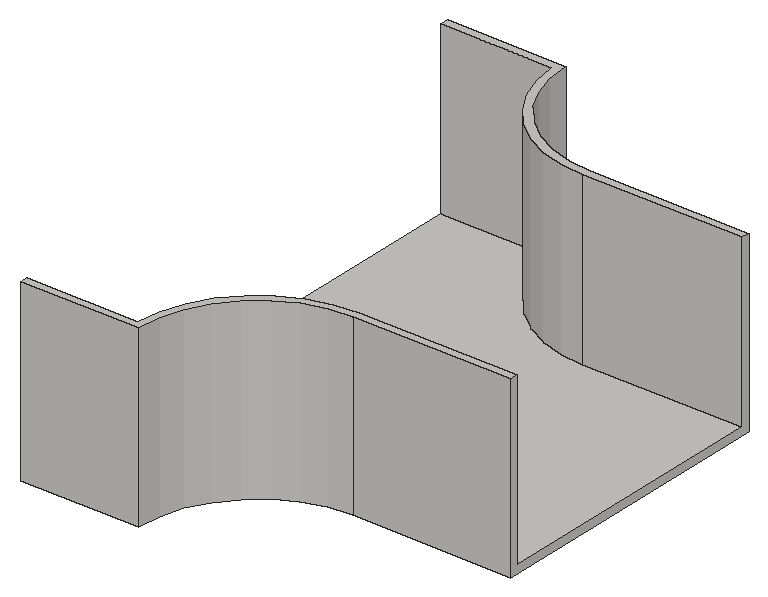
Revit family "Ответвитель T-образныйкрестовой", category Соединительные детали кабельных лотков, Revit 2015
Parameters
  Wholesaler Art. No. = ""
  Wholesaler = ""
  Watermarked By = "http://3dvector-pro.ru/"
  Width 2 [instance] = Width 1 + 80 mm  # 180 mm
  Width 1 [instance] = 100 mm
  URL = "http://3dvector-pro.ru/sozdanie-semejstv-revit/"
  built-in parameter 1140111 [instance] = 2.6 mm
  Stabu Code = ""
  Revit Version = "2014"  # constant formula
  MEPcontent Class = "Ответвитель T-образный/крестовой"  # constant formula
  Internal Art. No. = ""
  IFCExportType = "NOTDEFINED"  # constant formula
  IFCExportAs = "IfcCableCarrierFittingType"  # constant formula
  Function Code [instance] = ""
  Family Version = "10.06"  # constant formula
  ETIM Article Class = ""
  EMCS Version = "2.0"  # constant formula
  Copyright = "3dvector-pro"  # constant formula
  Content Supplier URL = ""
  CB-NL Class = ""
  Article Type [instance] = ""
  Radius [instance] = 50 mm  # constant formula
  Product Line [instance] = ""
  Model = ""
  Manufacturer = ""
  Length 1 [instance] = if(and(Width 1 = 100 mm, Height 1 = 60 mm, Angle 2 = 90.00°), 133.5 mm, if(and(Width 1 = 150 mm, Height 1 = 60 mm, Angle 2 = 90.00°), 133.5 mm, if(and(Width 1 = 200 mm, Height 1 = 60 mm, Angle 2 = 90.00°), 133.5 mm, if(and(Width 1 = 300 mm, Height 1 = 60 mm, Angle 2 = 90.00°), 133.5 mm, if(and(Width 1 = 400 mm, Height 1 = 60 mm, Angle 2 = 90.00°), 133.5 mm, if(and(Width 1 = 500 mm, Height 1 = 60 mm, Angle 2 = 90.00°), 133.5 mm, if(and(Width 1 = 600 mm, Height 1 = 60 mm, Angle 2 = 90.00°), 133.5 mm, if(and(Width 1 = 100 mm, Height 1 = 85 mm, Angle 2 = 90.00°), 133.5 mm, if(and(Width 1 = 150 mm, Height 1 = 85 mm, Angle 2 = 90.00°), 133.5 mm, if(and(Width 1 = 200 mm, Height 1 = 85 mm, Angle 2 = 90.00°), 133.5 mm, if(and(Width 1 = 300 mm, Height 1 = 85 mm, Angle 2 = 90.00°), 133.5 mm, if(and(Width 1 = 400 mm, Height 1 = 85 mm, Angle 2 = 90.00°), 133.5 mm, if(and(Width 1 = 500 mm, Height 1 = 85 mm, Angle 2 = 90.00°), 133.5 mm, if(and(Width 1 = 600 mm, Height 1 = 85 mm, Angle 2 = 90.00°), 133.5 mm, if(and(Width 1 = 100 mm, Height 1 = 110 mm, Angle 2 = 90.00°), 133.5 mm, if(and(Width 1 = 150 mm, Height 1 = 110 mm, Angle 2 = 90.00°), 133.5 mm, if(and(Width 1 = 200 mm, Height 1 = 110 mm, Angle 2 = 90.00°), 133.5 mm, if(and(Width 1 = 300 mm, Height 1 = 110 mm, Angle 2 = 90.00°), 133.5 mm, if(and(Width 1 = 400 mm, Height 1 = 110 mm, Angle 2 = 90.00°), 133.5 mm, if(and(Width 1 = 500 mm, Height 1 = 110 mm, Angle 2 = 90.00°), 133.5 mm, if(and(Width 1 = 600 mm, Height 1 = 110 mm, Angle 2 = 90.00°), 133.5 mm, 133.5 mm)))))))))))))))))))))  # 133.5 mm
  Custom [instance] = if(and(Width 1 = 100 mm, Height 1 = 60 mm, Angle 2 = 90.00°), 1 = 0, if(and(Width 1 = 150 mm, Height 1 = 60 mm, Angle 2 = 90.00°), 1 = 0, if(and(Width 1 = 200 mm, Height 1 = 60 mm, Angle 2 = 90.00°), 1 = 0, if(and(Width 1 = 300 mm, Height 1 = 60 mm, Angle 2 = 90.00°), 1 = 0, if(and(Width 1 = 400 mm, Height 1 = 60 mm, Angle 2 = 90.00°), 1 = 0, if(and(Width 1 = 500 mm, Height 1 = 60 mm, Angle 2 = 90.00°), 1 = 0, if(and(Width 1 = 600 mm, Height 1 = 60 mm, Angle 2 = 90.00°), 1 = 0, if(and(Width 1 = 100 mm, Height 1 = 85 mm, Angle 2 = 90.00°), 1 = 0, if(and(Width 1 = 150 mm, Height 1 = 85 mm, Angle 2 = 90.00°), 1 = 0, if(and(Width 1 = 200 mm, Height 1 = 85 mm, Angle 2 = 90.00°), 1 = 0, if(and(Width 1 = 300 mm, Height 1 = 85 mm, Angle 2 = 90.00°), 1 = 0, if(and(Width 1 = 400 mm, Height 1 = 85 mm, Angle 2 = 90.00°), 1 = 0, if(and(Width 1 = 500 mm, Height 1 = 85 mm, Angle 2 = 90.00°), 1 = 0, if(and(Width 1 = 600 mm, Height 1 = 85 mm, Angle 2 = 90.00°), 1 = 0, if(and(Width 1 = 100 mm, Height 1 = 110 mm, Angle 2 = 90.00°), 1 = 0, if(and(Width 1 = 150 mm, Height 1 = 110 mm, Angle 2 = 90.00°), 1 = 0, if(and(Width 1 = 200 mm, Height 1 = 110 mm, Angle 2 = 90.00°), 1 = 0, if(and(Width 1 = 300 mm, Height 1 = 110 mm, Angle 2 = 90.00°), 1 = 0, if(and(Width 1 = 400 mm, Height 1 = 110 mm, Angle 2 = 90.00°), 1 = 0, if(and(Width 1 = 500 mm, Height 1 = 110 mm, Angle 2 = 90.00°), 1 = 0, if(and(Width 1 = 600 mm, Height 1 = 110 mm, Angle 2 = 90.00°), 1 = 0, 1 = 1)))))))))))))))))))))  # no
  Height 1 [instance] = 60 mm
  GTIN [instance] = ""
  Описание = "Ответвитель T-образный/крестовой"
  Manufacturer URL = "http://3dvector-pro.ru/"
  CT2 [instance] = 1
  CT1 [instance] = 1
  Gray = Color RGB 189-187-185
  Manufacturer Art. No. [instance] = ""
  Article Description [instance] = "Ответвитель T-образный/крестовой"
  Angle 2 = 90.00°  # constant formula
Reference planes
  plane 1 "Center (Front/Back)": y = 0
  plane 2: z = 0
  plane 3 "Center (Left/Right)": x = 0
  plane 4: y = 50
  plane 5: y = -50
  plane 6: y = 90
  plane 7: y = -90
  plane 8: z = 30
  plane 9: z = -30
  plane 10: x = 133.5
  plane 11: x = 40
  plane 12: z = 27.5
  plane 13: z = -27.4
Forms (mm)
  Extrusion 1, solid, material "Color RGB 189-187-185", detail levels fine
    sketch origin (0, 0, 0) x (1, 0, 0) y (0, 1, 0)
      loop
        arc (80, 50) -> (51.716, 61.716) -> (40, 90) r 40
        line (40, 90) -> (0, 90) -> (0, -90) -> (40, -90)
        arc (40, -90) -> (51.716, -61.716) -> (80, -50) r 40
        line (80, -50) -> (133.5, -50) -> (133.5, 50) -> (80, 50)
    from -30 to 30
  Extrusion 2, solid, material "Color RGB 189-187-185", detail levels medium
    sketch origin (0, 0, 0) x (1, 0, 0) y (0, 1, 0)
      loop
        line (40, 90) -> (0, 90) -> (0, -90) -> (40, -90)
        arc (40, -90) -> (51.716, -61.716) -> (80, -50) r 40
        line (80, -50) -> (133.5, -50) -> (133.5, 50) -> (80, 50)
        arc (80, 50) -> (51.716, 61.716) -> (40, 90) r 40
    from -30 to 30
  Extrusion 3, void
    sketch origin (0, 0, 0) x (1, 0, 0) y (0, 1, 0)
      loop
        line (133.5, -47.4) -> (133.5, 47.4) -> (79.921, 47.4)
        arc (79.921, 47.4) -> (50.732, 58.972) -> (37.4, 87.4) r 42.6
        line (37.4, 87.4) -> (0, 87.4) -> (0, -87.4) -> (37.4, -87.4)
        arc (37.4, -87.4) -> (50.732, -58.972) -> (79.921, -47.4) r 42.6
        line (79.921, -47.4) -> (133.5, -47.4)
    from -27.4 to 30
Cuts and joins
  Extrusion 3 cuts Extrusion 1
Lines and regions (mm)
  model lines, style "Fittings", detail levels coarse
    curve 1: line (0, 0, 0) -> (133.5, 0, 0)
Dimensions and locks
  equal spacing: plane 4, plane 1 "Center (Front/Back)", plane 5
  "Width 1": plane 4 to plane 5
  equal spacing: plane 6, plane 1 "Center (Front/Back)", plane 7
  equal spacing: plane 8, level, plane 9
  "Height 1": plane 8 to plane 9
  "Length 1": plane 3 "Center (Left/Right)" to plane 10
  "Width 2": plane 6 to plane 7
  "Length 1": curve 1 to curve 1
  plane 3 "Center (Left/Right)" to Extrusion 2 = 133.5 mm
  locked: plane 3 "Center (Left/Right)" to plane 11 at 40
  "built-in parameter 1140111": plane 6 to Extrusion 3 sketch curve
  "built-in parameter 1140111": Extrusion 3 sketch curve to plane 11  (x2)
  "built-in parameter 1140111": Extrusion 3 sketch curve to plane 7
  "built-in parameter 1140111": Extrusion 3 sketch curve to plane 5
  "built-in parameter 1140111": plane 4 to Extrusion 3 sketch curve
  "built-in parameter 1140111": plane 13 to plane 9
  radius of Extrusion 2 sketch curve = 40 mm  (x2)
  aligned and locked: level to plane 2
  aligned and locked: Extrusion 1 to plane 9
  aligned and locked: plane 8 to Extrusion 1
  aligned and locked: plane 1 "Center (Front/Back)" to curve 1
  aligned and locked: Extrusion 2 to plane 9
  aligned and locked: plane 8 to Extrusion 2
  aligned and locked: plane 11 to Extrusion 2 sketch curve  (x2)
  aligned and locked: plane 4 to Extrusion 2 sketch curve
  aligned and locked: plane 5 to Extrusion 2 sketch curve
  aligned and locked: plane 10 to Extrusion 2 sketch curve
  aligned and locked: Extrusion 3 sketch curve to plane 3 "Center (Left/Right)"
  aligned and locked: plane 10 to Extrusion 3 sketch curve
  aligned and locked: Extrusion 3 to plane 13
  aligned and locked: Extrusion 3 to Extrusion 1
  aligned and locked: plane 6 to Extrusion 2 sketch curve
  aligned and locked: Extrusion 2 sketch curve to plane 7
Automatic sketch dimensions
  Extrusion 1 sketch curve to plane 3 "Center (Left/Right)" = 0 mm
  Extrusion 1 sketch curve to plane 7 = 0 mm
  Extrusion 1 sketch curve to plane 11 = 0 mm  (x2)
  Extrusion 1 sketch curve to plane 6 = 0 mm
  Extrusion 1 sketch curve to plane 4 = 0 mm
  Extrusion 1 sketch curve to plane 5 = 0 mm
  Extrusion 1 sketch curve to plane 10 = 0 mm
  Extrusion 2 sketch curve to plane 3 "Center (Left/Right)" = 0 mm
  Extrusion 3 sketch curve to plane 7 = 0 mm
  Extrusion 3 sketch curve to plane 6 = 0 mm
  curve 1 to plane 3 "Center (Left/Right)" = 0 mm
Connectors
  cabletrayconduit at (133.5, 0, 0), diameter 600, driven by "Height 1", driven by "Width 1"
    settings: on Extrusion 2, index 1, connector width 100 mm, connector height 60 mm, connector angle 180.00°, system type 32, placement type 0, profile type 1, connector reference index -1, is primary connector yes, connector utility param no, connector description ""
